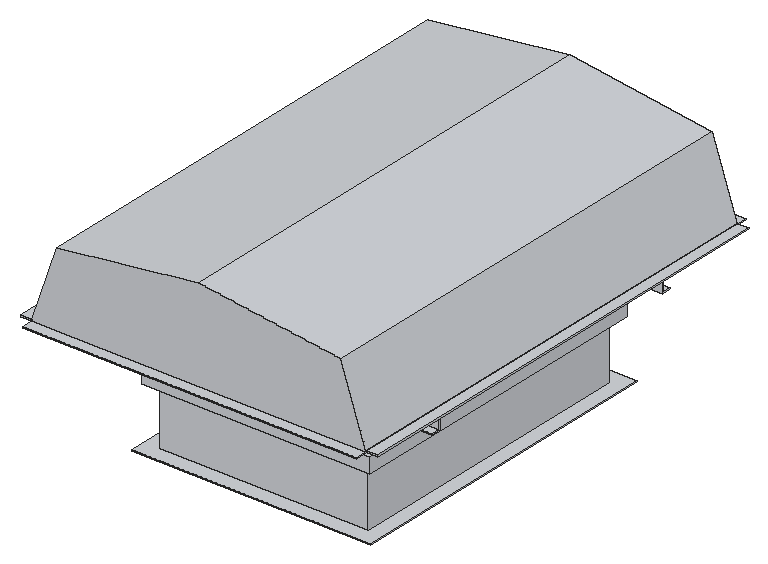
Revit family "GI", category Mechanical Equipment, Revit 2019
Family settings
  Round Connector Dimension = Use Diameter
  Part Type = Normal
  Work Plane-Based = No
  Always vertical = Yes
  Cut with Voids When Loaded = No
  Shared = No
  Room Calculation Point = No
Parameters (values of type "GI")
  tw+5.5/2 = twplus5.5 / 2  # 14 3/4"
  twplus5.5 = GI_Throat_Width + 5 1/2"  # 29 1/2"
  tl+5.5/2 = tlplus5.5 / 2  # 20 3/4"
  tlplus5.5 = GI_Throat_Length + 5 1/2"  # 41 1/2"
  tempB = if(((tempA * 12) - (GI_Throat_Length * 12) - 2" * 2.16) / 2 < 36", tempA + 12", tempA)  # 60"
  tempA = qtyhoodpanel * 12"  # 60"
  ratio = 2
  qtyhoodpanel = ((nhp / 144") + 0.0166)  # 5
  nhp = ((GI_Throat_Length * 12) - 0.5 * ((GI_Throat_Width * 12) + (GI_Throat_Length * 12))) + ((ratio + 1) * (GI_Throat_Width * 12) * (GI_Throat_Length * 12)) ^ 0.5  # 682.94026"
  hw = if(hoodwidthB < 28", 28", hoodwidthB)  # 43.2"
  hoodwidthB = (HoodArea * 144" / (qtyhoodpanel * 12.00 SF)) + 0"  # 43.2"
  Unit Weight [instance] = ""
  Sones [instance] = ""
  ModelID [instance] = ""
  LwA [instance] = ""
  HoodArea = (GI_Throat_Width * GI_Throat_Length * (ratio + 1))  # 18.00 SF
  HW_/2 = HoodWidth / 2  # 21.6"
  TL_/2 = GI_Throat_Length / 2  # 18"
  TW_/2 = GI_Throat_Width / 2  # 12"
  HL_/2 = HoodLength / 2  # 30"
  H/6 = H / 6  # 3.175"
  H/4 = (H - 7") * 0.8  # 9.64"
  H/10 = H / 10  # 1.905"
  CURB_HEIGHT [instance] = 9 1/2"
  CURB [instance] = yes
  Accessories [instance] = ""
  2.75 = 2 3/4"  # constant formula
  2" = 2"  # constant formula
  1.5 = 1 1/2"  # constant formula
  0 = 0"
  URL = "www.lorencook.com"
  Type Comments = "Aluminum Intake Ventilator"  # constant formula
  GI_Throat_Length = 36"
  GI_Throat_Width = 24"
  Static Pressure [instance] = 0.00 in-wg
  Model = "GI"  # constant formula
  Manufacturer = "Loren Cook Company"
  HoodLength = tempB  # 60"
  HoodWidth = hw  # 43.2"
  H = ((GI_Throat_Width * GI_Throat_Length * ((ratio + 1) / 2)) / ((2 * GI_Throat_Width) + (2 * GI_Throat_Length))) + 1 1/4" + 7"  # 19.05"
  CFM [instance] = 0 CFM
  1.25 = 1 1/4"  # constant formula
  ONE EIGTH = 1/8"  # constant formula
  -hw/2 = -(HoodWidth / 2)  # -21.6"
  -HL/2 = -(HoodLength / 2)  # -30"
Reference planes (in)
  plane 1 "Center (Front/Back)": y = 0
  plane 2: z = 0
  plane 3 "Center (Left/Right)": x = 0.40541
Forms (in)
  Extrusion 1, solid
    sketch origin (0, 0, 0) x (1, 0, 0) y (0, 1, 0)
      loop
        line (-14.34459, 20.75) -> (-14.34459, -20.75) -> (15.15541, -20.75) -> (15.15541, 20.75) -> (-14.34459, 20.75)
    from 2 to 0
  Extrusion 2, solid
    sketch origin (0, 0, 2) x (1, 0, 0) y (0, 1, 0)
      loop
        line (-11.59459, 18) -> (-11.59459, -18) -> (12.40541, -18) -> (12.40541, 18) -> (-11.59459, 18)
    from 7 to 0
  Extrusion 3, solid
    sketch origin (0, 0, 0) x (1, 0, 0) y (0, 0, 1)
      loop
        line (0.40541, 9) -> (22.00541, 9) -> (22.00541, 9.125) -> (18.83041, 18.64) -> (0.40541, 21.05) -> (-18.01959, 18.64) -> (-21.19459, 9.125) -> (-21.19459, 9) -> (0.40541, 9)
    from 30 <- "HL_/2" to -30 <- "-HL/2"
  Extrusion 4, solid
    sketch origin (0.40541, 0, 0) x (0, 1, 0) y (0, 0, 1)
      loop
        line (19.25, 9) -> (18, 9) -> (18, 6.25) -> (19.25, 6.25) -> (19.25, 6.375) -> (18.125, 6.375) -> (18.125, 8.875) -> (19.25, 8.875) -> (19.25, 9)
      loop
        line (-18, 9) -> (-19.25, 9) -> (-19.25, 8.875) -> (-18.125, 8.875) -> (-18.125, 6.375) -> (-19.25, 6.375) -> (-19.25, 6.25) -> (-18, 6.25) -> (-18, 9)
    from -21.6 <- "-hw/2" to 21.6 <- "HW_/2"
  Extrusion 5, solid
    sketch origin (0.40541, 0, 9) x (0, -1, 0) y (-1, 0, 0)
      loop
        line (30, -21.6) -> (-30, -21.6) -> (-30, -23.1) -> (30, -23.1) -> (30, -21.6)
      loop
        line (-30, 21.6) -> (30, 21.6) -> (30, 23.1) -> (-30, 23.1) -> (-30, 21.6)
    from 0 to -0.125
  Extrusion 6, solid
    sketch origin (0.40541, 0, 9) x (0, -1, 0) y (-1, 0, 0)
      loop
        line (30, -21.6) -> (31.5, -21.6) -> (31.5, 21.6) -> (30, 21.6) -> (30, -21.6)
      loop
        line (-30, 21.6) -> (-31.5, 21.6) -> (-31.5, -21.6) -> (-30, -21.6) -> (-30, 21.6)
    from 0 to 0.125
  Extrusion 7, void
    sketch origin (0, 0, 0) x (1, 0, 0) y (0, 1, 0)
      loop
        line (-14.21959, -20.625) -> (15.03041, -20.625) -> (15.03041, 20.625) -> (-14.21959, 20.625) -> (-14.21959, -20.625)
    from 0 to 1.875
  Extrusion 8, solid, visible <- "CURB"
    sketch origin (0, 0, 1.875) x (0, 1, 0) y (1, 0, 0)
      loop
        line (-18, -11.59459) -> (18, -11.59459) -> (18, 12.40541) -> (-18, 12.40541) -> (-18, -11.59459)
      loop
        line (19.5, 13.90541) -> (-19.5, 13.90541) -> (-19.5, -13.09459) -> (19.5, -13.09459) -> (19.5, 13.90541)
    from 0 to 9.5 <- "CURB_HEIGHT"
  Extrusion 9, solid, visible <- "CURB"
    sketch origin (0, 0, -7.625) x (-1, 0, 0) y (0, 1, 0)
      loop
        line (13.09459, -19.5) -> (13.09459, 19.5) -> (-13.90541, 19.5) -> (-13.90541, -19.5) -> (13.09459, -19.5)
      loop
        line (-15.90541, 21.5) -> (-15.90541, -21.5) -> (15.09459, -21.5) -> (15.09459, 21.5) -> (-15.90541, 21.5)
    from 0 to -0.125
Cuts and joins
  Extrusion 7 cuts Extrusion 1
Dimensions and locks (in)
  "twplus5.5": Extrusion 1 sketch curve to Extrusion 1 sketch curve
  "tlplus5.5": Extrusion 1 sketch curve to Extrusion 1 sketch curve
  "tw+5.5/2": Extrusion 1 sketch curve to plane 3 "Center (Left/Right)"
  "tl+5.5/2": plane 1 "Center (Front/Back)" to Extrusion 1 sketch curve
  "ONE EIGTH": Extrusion 3 sketch curve to Extrusion 3 sketch curve  (x2)
  "HoodWidth": Extrusion 3 sketch curve to Extrusion 3 sketch curve
  "HW_/2": Extrusion 3 sketch curve to plane 3 "Center (Left/Right)"
  "0": Extrusion 3 sketch curve to Extrusion 2
  "H": Extrusion 3 sketch curve to Extrusion 1
  "H/4": Extrusion 3 sketch curve to Extrusion 3 sketch curve  (x2)
  "H/6": Extrusion 3 sketch curve to Extrusion 3 sketch curve  (x2)
  "0": Extrusion 3 sketch curve to plane 3 "Center (Left/Right)"
  "0": Extrusion 4 sketch curve to Extrusion 3  (x2)
  "0": Extrusion 4 sketch curve to Extrusion 2
  "2.75": Extrusion 4 sketch curve to Extrusion 3  (x2)
  "ONE EIGTH": Extrusion 4 sketch curve to Extrusion 2
  "ONE EIGTH": Extrusion 4 sketch curve to Extrusion 4 sketch curve  (x2)
  "ONE EIGTH": Extrusion 3 to Extrusion 4 sketch curve
  "1.25": Extrusion 4 sketch curve to Extrusion 2  (x2)
  "0": Extrusion 2 to Extrusion 4 sketch curve
  "ONE EIGTH": Extrusion 4 sketch curve to Extrusion 3
  "ONE EIGTH": Extrusion 2 to Extrusion 4 sketch curve
  "1.25": Extrusion 2 to Extrusion 4 sketch curve
  "GI_Throat_Width": Extrusion 2 sketch curve to Extrusion 2 sketch curve
  "GI_Throat_Length": Extrusion 2 sketch curve to Extrusion 2 sketch curve
  "TL_/2": Extrusion 2 sketch curve to plane 1 "Center (Front/Back)"
  "TW_/2": Extrusion 2 sketch curve to plane 3 "Center (Left/Right)"
  "0": Extrusion 5 sketch curve to Extrusion 3  (x5)
  "1.5": Extrusion 5 sketch curve to Extrusion 3
  "0": Extrusion 3 to Extrusion 5 sketch curve
  "1.5": Extrusion 3 to Extrusion 5 sketch curve
  "0": Extrusion 6 sketch curve to Extrusion 5  (x3)
  "0": Extrusion 6 sketch curve to Extrusion 4
  "0": Extrusion 6 sketch curve to Extrusion 3  (x2)
  "1.5": Extrusion 6 sketch curve to Extrusion 3
  "1.5": Extrusion 3 to Extrusion 6 sketch curve
  "ONE EIGTH": Extrusion 1 to Extrusion 7 sketch curve  (x3)
  "ONE EIGTH": Extrusion 7 sketch curve to Extrusion 1
  "1.5": Extrusion 8 sketch curve to Extrusion 8 sketch curve  (x4)
  "TW_/2": Extrusion 8 sketch curve to plane 3 "Center (Left/Right)"
  "TW_/2": plane 3 "Center (Left/Right)" to Extrusion 8 sketch curve
  "TL_/2": Extrusion 8 sketch curve to plane 1 "Center (Front/Back)"  (x2)
  "2"": Extrusion 9 sketch curve to Extrusion 9 sketch curve  (x4)
  "0": Extrusion 9 sketch curve to Extrusion 8  (x3)
  "0": Extrusion 8 to Extrusion 9 sketch curve
Automatic sketch dimensions
  Extrusion 3 sketch curve to plane 3 "Center (Left/Right)" = 0"
  Extrusion 4 sketch curve to Extrusion 4 sketch curve = 0"
Connectors (in)
  hvac at (0.40541, 0, 2), driven by "CFM", driven by "GI_Throat_Length", driven by "GI_Throat_Width"
    settings: on cut or joined group of Extrusion 1, Extrusion 7, index 1, duct flow 0 CFM, flow factor 0, pres drop 0.00 in-wg, loss coef 0, conn angle 0.00°, conn width 24", conn height 36", conn diameter 24", duct sys type 1, conn prof type 1, flow config 0, flow direction 2, loss method 0, conn ref index -1, conn util no, is conn primary yes, conn desc ""
